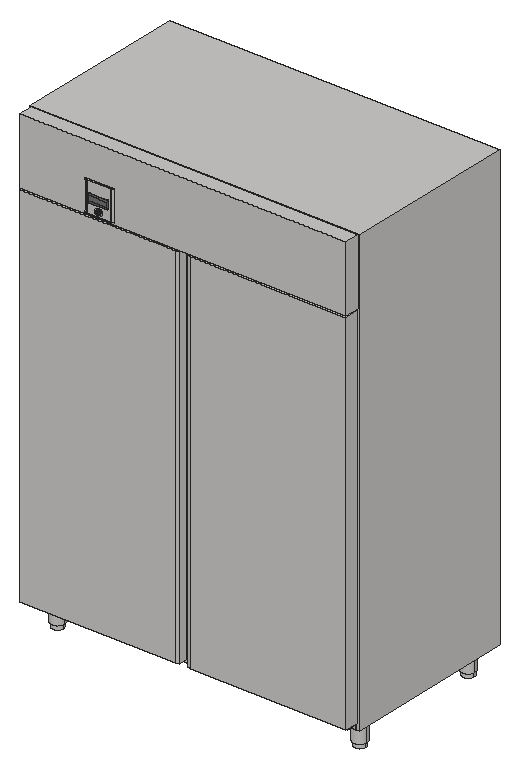
Revit family "QF_ELECTROLUXPROFESSIONAL_725393_REX142FRH", category Specialty Equipment, Revit 2018
Family settings
  Round Connector Dimension = Use Diameter
  Part Type = Normal
  Work Plane-Based = No
  Always vertical = Yes
  Cut with Voids When Loaded = No
  Shared = No
  Room Calculation Point = No
Parameters (values of type "Standard")
  Weight = 210.00 kg
  Watts = 0 W
  Volts = 220 V
  URL Manufacturer = "http://professional.electrolux.com"
  URL = "http://professional.electrolux.com"
  Steam Supply Size = 0 mm
  Steam Supply Minimum Pressure = 0.0 Pa
  Steam Supply Maximum Pressure = 0.0 Pa
  Steam Pounds per Hour = 0
  Refrigeration Suction Line Size = 0 mm
  Refrigeration Liquid Line Size = 0 mm
  Refrigerant Compressor Remote = yes
  Manufacturer = "Electrolux Professional"
  Phase = 1
  Model = "REX142FRH"
  Length Actual = 1441 mm  # constant formula
  Item Number = "725393"
  Hot Water Size = 0 mm
  Height Actual = 2050 mm  # constant formula
  HP = "0.4 HP"
  Gas Size = 0 mm
  Gas KW = 0
  Gas Input Pressure = 0 W
  Direct Waste Size = 0 mm
  Description = "2-DOOR REFRIGERATOR 1430L -2+10°C, DIGITAL WITH LIGHT, A304-R290"
  Depth Actual = 835 mm  # constant formula
  Cycle = 50 Hz
  Condensate Return Size = 0 mm
  Compressed Air Volume = 0.0 L/s
  Compressed Air Size = 0 mm
  Compressed Air Pressure = 0.0 Pa
  Cold Water Size = 0 mm
  Accessory = yes
Reference planes
  plane 1 "Center (Front/Back)": y = 0
  plane 2: z = 0
  plane 3 "Center (Left/Right)": x = 0
  plane 4 "BASE": z = 110
  plane 5 "TOP": z = 2050
  plane 6 "FRONT": y = -417.5
  plane 7 "BACK": y = 417.5
  plane 8 "LEFT": x = -720.5
  plane 9 "RIGHT": x = 720.5
Forms (mm)
  Extrusion 1, solid, material "QF_Finishes_Stainless Steel"
    sketch origin (0, 0, 0) x (1, 0, 0) y (0, 1, 0)
      loop
        circle (-643.5, 344.5) r 25
      loop
        circle (643.5, 344.5) r 25
      loop
        circle (-660.5, -269.5) r 25
      loop
        circle (660.5, -269.5) r 25
      loop
        circle (0, -121) r 25
    from 0 to 20
  Extrusion 2, solid, material "QF_Finishes_Stainless Steel"
    sketch origin (0, 0, 0) x (1, 0, 0) y (0, 1, 0)
      loop
        circle (-643.5, 344.5) r 30
      loop
        circle (643.5, 344.5) r 30
      loop
        circle (660.5, -269.5) r 30
      loop
        circle (-660.5, -269.5) r 30
      loop
        circle (0, -121) r 30
    from 20 to 110
  Extrusion 3, solid, material "QF_Finishes_Stainless Steel"
    sketch origin (0, 0, 110) x (-1, 0, 0) y (0, -1, 0)
      loop
        line (720.5, -417.5) -> (720.5, 345.5) -> (-720.5, 345.5) -> (-720.5, -417.5) -> (720.5, -417.5)
    from 0 to 1940
  Extrusion 4, solid
    sketch origin (0, 417.5, 1685) x (-1, 0, 0) y (0, 0, 1)
      loop
        circle (704.5, 124) r 10
    from 0 to 3.2
  Extrusion 5, solid, material "QF_Door-Drawer Clearances", detail levels coarse
    sketch origin (0, 0, 110) x (-1, 0, 0) y (0, -1, 0)
      loop
        line (-712.5, 409.5) -> (-648.5, 409.5) -> (-648.5, 1006.5) -> (-666.5, 1006.5) -> (-666.5, 1024.5) -> (-688.5, 1024.5) -> (-688.5, 1062.5) -> (-712.5, 1062.5) -> (-712.5, 409.5)
    from 1642.965 to 28
  Extrusion 6, solid, material "QF_Door-Drawer Clearances", detail levels coarse
    sketch origin (0, 0, 110) x (-1, 0, 0) y (0, -1, 0)
      loop
        line (-648.5, 409.5) -> (0, 409.5)
        arc (0, 409.5) -> (-211.9, 875.546) -> (-688.5, 1062.5) r 681.392
        line (-688.5, 1062.5) -> (-688.5, 1024.5) -> (-666.5, 1024.5) -> (-666.5, 1006.5) -> (-648.5, 1006.5) -> (-648.5, 409.5)
    from 1642.965 to 28
  Extrusion 7, solid, material "QF_Clearances", detail levels coarse
    sketch origin (0, 0, 110) x (-1, 0, 0) y (0, -1, 0)
      loop
        line (720.5, 417.5) -> (720.5, -417.5) -> (-720.5, -417.5) -> (-720.5, 417.5) -> (-740.5, 417.5) -> (-740.5, -447.5) -> (740.5, -447.5) -> (740.5, 417.5) -> (720.5, 417.5)
    from -110 to 1940
  Extrusion 8, solid, material "QF_Clearances", detail levels coarse
    sketch origin (0, 0, 2050) x (-1, 0, 0) y (0, -1, 0)
      loop
        line (740.5, -447.5) -> (740.5, 417.5) -> (-740.5, 417.5) -> (-740.5, -447.5) -> (740.5, -447.5)
    from 0 to 500
  Extrusion 9, void
    sketch origin (0, 417.5, 0) x (-1, 0, 0) y (0, 0, 1)
      loop
        line (645.5, 1724) -> (430, 1724) -> (430, 1695) -> (-430, 1695) -> (-430, 1724) -> (-645.5, 1724) -> (-645.5, 180) -> (-322.75, 170.906) -> (0, 180) -> (322.75, 170.906) -> (645.5, 180) -> (645.5, 1724)
    from -56 to -763
  Extrusion 10, solid, material "QF_Door-Drawer Clearances", detail levels coarse
    sketch origin (0, 0, 110) x (1, 0, 0) y (0, 1, 0)
      loop
        line (-712.5, -409.5) -> (-712.5, -1062.5) -> (-688.5, -1062.5) -> (-688.5, -1024.5) -> (-666.5, -1024.5) -> (-666.5, -1006.5) -> (-648.5, -1006.5) -> (-648.5, -409.5) -> (-712.5, -409.5)
    from 1642.965 to 28
  Extrusion 11, solid, material "QF_Door-Drawer Clearances", detail levels coarse
    sketch origin (0, 0, 110) x (1, 0, 0) y (0, 1, 0)
      loop
        line (-648.5, -409.5) -> (-648.5, -1006.5) -> (-666.5, -1006.5) -> (-666.5, -1024.5) -> (-688.5, -1024.5) -> (-688.5, -1062.5)
        arc (-688.5, -1062.5) -> (-211.9, -875.546) -> (0, -409.5) r 681.392
        line (0, -409.5) -> (-648.5, -409.5)
    from 1642.965 to 28
  Extrusion 12, solid, material "QF_Finishes_Stainless Steel"
    sketch origin (0, 417.5, 0) x (-1, 0, 0) y (0, 0, 1)
      loop
        line (40, 170.62) -> (40, 1695) -> (-40, 1695) -> (-40, 170.62) -> (0, 170) -> (40, 170.62)
    from -723 to -763
  Extrusion 13, solid, material "QF_Finishes_Stainless Steel"
    sketch origin (0, 0, 110) x (-1, 0, 0) y (0, -1, 0)
      loop
        circle (322.75, 254.5) r 7.938
      loop
        circle (-322.75, 254.5) r 7.938
    from 0 to -10
Cuts and joins
  joined: Extrusion 7, Extrusion 8
  Extrusion 9 cuts Extrusion 3
Lines and regions (mm)
  symbolic lines, style "SpecialityEquipmentHiddenLines"
    curve 1: line (712.5, -409.5, 110) -> (712.5, -1062.5, 110)
    curve 2: line (712.5, -1062.5, 110) -> (688.5, -1062.5, 110)
    curve 3: line (648.5, -409.5, 110) -> (648.5, -1006.5, 110)
    curve 4: line (688.5, -1062.5, 110) -> (688.5, -1024.5, 110)
    curve 5: line (688.5, -1024.5, 110) -> (666.5, -1024.5, 110)
    curve 6: line (666.5, -1024.5, 110) -> (666.5, -1006.5, 110)
    curve 7: line (666.5, -1006.5, 110) -> (648.5, -1006.5, 110)
    curve 13: arc (0, -409.5, 110) -> (211.9, -875.546, 110) -> (688.5, -1062.5, 110) r 681.392
    curve 14: line (-712.5, -1062.5, 110) -> (-688.5, -1062.5, 110)
    curve 15: line (-648.5, -409.5, 110) -> (-648.5, -1006.5, 110)
    curve 16: line (-688.5, -1062.5, 110) -> (-688.5, -1024.5, 110)
    curve 17: line (-688.5, -1024.5, 110) -> (-666.5, -1024.5, 110)
    curve 18: line (-666.5, -1024.5, 110) -> (-666.5, -1006.5, 110)
    curve 19: line (-666.5, -1006.5, 110) -> (-648.5, -1006.5, 110)
    curve 20: arc (0, -409.5, 110) -> (-211.9, -875.546, 110) -> (-688.5, -1062.5, 110) r 681.392
    curve 21: line (-712.5, -409.5, 110) -> (-712.5, -1062.5, 110)
  symbolic lines, style "QF_Clearances", detail levels coarse
    curve 8: line (-720.5, -417.5, 2050) -> (-740.5, -417.5, 2050)
    curve 9: line (-740.5, -417.5, 2050) -> (-740.5, 447.5, 2050)
    curve 10: line (-740.5, 447.5, 2050) -> (740.5, 447.5, 2050)
    curve 11: line (740.5, 447.5, 2050) -> (740.5, -417.5, 2050)
    curve 12: line (740.5, -417.5, 2050) -> (720.5, -417.5, 2050)
Dimensions and locks
  equal spacing: plane 7 "BACK", plane 1 "Center (Front/Back)", plane 6 "FRONT"
  equal spacing: plane 8 "LEFT", plane 3 "Center (Left/Right)", plane 9 "RIGHT"
  plane 8 "LEFT" to plane 9 "RIGHT" = 1441 mm
  plane 7 "BACK" to plane 6 "FRONT" = 835 mm
  plane 5 "TOP" to plane 2 = 2050 mm
  aligned and locked: level to plane 2
Automatic sketch dimensions
  curve 12 to plane 6 "FRONT" = 0 mm
  curve 12 to plane 9 "RIGHT" = 0 mm
  curve 8 to plane 6 "FRONT" = 0 mm
  curve 8 to plane 8 "LEFT" = 0 mm
  curve 10 to plane 9 "RIGHT" = 20 mm
  curve 8 to curve 9 = 20 mm
  plane 7 "BACK" to curve 10 = 30 mm
  Extrusion 1 sketch curve to plane 3 "Center (Left/Right)" = 0 mm
  plane 8 "LEFT" to Extrusion 1 sketch curve = 77 mm
  plane 8 "LEFT" to Extrusion 1 sketch curve = 60 mm
  plane 9 "RIGHT" to Extrusion 1 sketch curve = 77 mm
  plane 9 "RIGHT" to Extrusion 1 sketch curve = 60 mm
  plane 6 "FRONT" to Extrusion 1 sketch curve = 148 mm  (x2)
  plane 1 "Center (Front/Back)" to Extrusion 1 sketch curve = 121 mm
  Extrusion 1 sketch curve to plane 7 "BACK" = 73 mm  (x2)
  Extrusion 2 sketch curve to plane 3 "Center (Left/Right)" = 0 mm
  plane 8 "LEFT" to Extrusion 2 sketch curve = 77 mm
  plane 8 "LEFT" to Extrusion 2 sketch curve = 60 mm
  plane 9 "RIGHT" to Extrusion 2 sketch curve = 77 mm
  plane 9 "RIGHT" to Extrusion 2 sketch curve = 60 mm
  plane 6 "FRONT" to Extrusion 2 sketch curve = 148 mm  (x2)
  plane 1 "Center (Front/Back)" to Extrusion 2 sketch curve = 121 mm
  Extrusion 2 sketch curve to plane 7 "BACK" = 73 mm  (x2)
  Extrusion 3 sketch curve to plane 7 "BACK" = 0 mm
  Extrusion 3 sketch curve to plane 9 "RIGHT" = 0 mm
  Extrusion 3 sketch curve to plane 8 "LEFT" = 0 mm
  plane 6 "FRONT" to Extrusion 3 sketch curve = 72 mm
  plane 8 "LEFT" to Extrusion 4 sketch curve = 16 mm
  Extrusion 4 sketch curve to plane 5 "TOP" = 241 mm
  plane 9 "RIGHT" to Extrusion 5 sketch curve = 8 mm
  plane 9 "RIGHT" to Extrusion 5 sketch curve = 32 mm
  Extrusion 5 sketch curve to Extrusion 5 sketch curve = 22 mm
  plane 6 "FRONT" to Extrusion 5 sketch curve = 8 mm
  Extrusion 5 sketch curve to Extrusion 5 sketch curve = 64 mm
  Extrusion 5 sketch curve to plane 6 "FRONT" = 589 mm
  Extrusion 5 sketch curve to Extrusion 5 sketch curve = 18 mm
  Extrusion 5 sketch curve to Extrusion 5 sketch curve = 38 mm
  Extrusion 6 sketch curve to plane 3 "Center (Left/Right)" = 0 mm
  plane 9 "RIGHT" to Extrusion 6 sketch curve = 72 mm
  Extrusion 6 sketch curve to Extrusion 6 sketch curve = 18 mm  (x2)
  plane 9 "RIGHT" to Extrusion 6 sketch curve = 39.698 mm
  Extrusion 6 sketch curve to Extrusion 6 sketch curve = 22 mm
  plane 6 "FRONT" to Extrusion 6 sketch curve = 36.349 mm
  plane 6 "FRONT" to Extrusion 6 sketch curve = 8 mm
  Extrusion 6 sketch curve to Extrusion 6 sketch curve = 56 mm
  Extrusion 7 sketch curve to plane 6 "FRONT" = 0 mm  (x2)
  Extrusion 7 sketch curve to plane 7 "BACK" = 0 mm
  Extrusion 7 sketch curve to plane 9 "RIGHT" = 0 mm
  Extrusion 7 sketch curve to plane 8 "LEFT" = 0 mm
  Extrusion 7 sketch curve to plane 9 "RIGHT" = 20 mm
  Extrusion 7 sketch curve to Extrusion 7 sketch curve = 20 mm
  plane 7 "BACK" to Extrusion 7 sketch curve = 30 mm
  Extrusion 8 sketch curve to plane 6 "FRONT" = 0 mm
  Extrusion 8 sketch curve to plane 9 "RIGHT" = 20 mm
  Extrusion 8 sketch curve to plane 8 "LEFT" = 20 mm
  plane 7 "BACK" to Extrusion 8 sketch curve = 30 mm
  Extrusion 10 sketch curve to plane 8 "LEFT" = 8 mm
  Extrusion 10 sketch curve to plane 8 "LEFT" = 32 mm
  Extrusion 10 sketch curve to Extrusion 10 sketch curve = 22 mm
  Extrusion 10 sketch curve to plane 6 "FRONT" = 8 mm
  Extrusion 10 sketch curve to Extrusion 10 sketch curve = 64 mm
  plane 6 "FRONT" to Extrusion 10 sketch curve = 589 mm
  Extrusion 10 sketch curve to Extrusion 10 sketch curve = 18 mm
  Extrusion 10 sketch curve to Extrusion 10 sketch curve = 38 mm
  Extrusion 11 sketch curve to plane 3 "Center (Left/Right)" = 0 mm
  Extrusion 11 sketch curve to plane 8 "LEFT" = 72 mm
  Extrusion 11 sketch curve to Extrusion 11 sketch curve = 18 mm  (x2)
  Extrusion 11 sketch curve to plane 8 "LEFT" = 39.698 mm
  Extrusion 11 sketch curve to Extrusion 11 sketch curve = 22 mm
  Extrusion 11 sketch curve to plane 6 "FRONT" = 36.349 mm
  Extrusion 11 sketch curve to plane 6 "FRONT" = 8 mm
  Extrusion 11 sketch curve to Extrusion 11 sketch curve = 56 mm
  Extrusion 12 sketch curve to plane 3 "Center (Left/Right)" = 0 mm
  plane 3 "Center (Left/Right)" to Extrusion 12 sketch curve = 40 mm
  Extrusion 12 sketch curve to plane 3 "Center (Left/Right)" = 40 mm
  plane 4 "BASE" to Extrusion 12 sketch curve = 60 mm
  Extrusion 12 sketch curve to Extrusion 12 sketch curve = 0.62 mm  (x2)
  Extrusion 12 sketch curve to Extrusion 12 sketch curve = 1524.38 mm
  Extrusion 9 sketch curve to plane 3 "Center (Left/Right)" = 0 mm
  plane 4 "BASE" to Extrusion 9 sketch curve = 60.906 mm  (x2)
  plane 3 "Center (Left/Right)" to Extrusion 9 sketch curve = 322.75 mm
  plane 9 "RIGHT" to Extrusion 9 sketch curve = 290.5 mm
  plane 9 "RIGHT" to Extrusion 9 sketch curve = 75 mm
  Extrusion 9 sketch curve to plane 3 "Center (Left/Right)" = 322.75 mm
  plane 8 "LEFT" to Extrusion 9 sketch curve = 290.5 mm
  plane 8 "LEFT" to Extrusion 9 sketch curve = 75 mm
  plane 4 "BASE" to Extrusion 9 sketch curve = 70 mm  (x3)
  Extrusion 9 sketch curve to plane 5 "TOP" = 355 mm
  Extrusion 9 sketch curve to Extrusion 9 sketch curve = 29 mm  (x2)
  plane 3 "Center (Left/Right)" to Extrusion 13 sketch curve = 322.75 mm
  Extrusion 13 sketch curve to plane 3 "Center (Left/Right)" = 322.75 mm
  plane 6 "FRONT" to Extrusion 13 sketch curve = 163 mm  (x2)
  curve 20 to plane 3 "Center (Left/Right)" = 0 mm
  plane 9 "RIGHT" to curve 3 = 72 mm
  curve 5 to curve 3 = 18 mm
  plane 9 "RIGHT" to curve 13 = 39.698 mm
  curve 4 to curve 5 = 22 mm
  plane 9 "RIGHT" to curve 2 = 8 mm
  plane 8 "LEFT" to curve 19 = 72 mm
  curve 15 to curve 18 = 18 mm
  plane 8 "LEFT" to curve 20 = 39.698 mm
  curve 17 to curve 16 = 22 mm
  plane 8 "LEFT" to curve 14 = 8 mm
  plane 6 "FRONT" to curve 20 = 36.349 mm
  plane 6 "FRONT" to curve 13 = 36.349 mm
  curve 15 to plane 6 "FRONT" = 589 mm
  curve 3 to plane 6 "FRONT" = 589 mm
  curve 6 to curve 5 = 18 mm
  curve 18 to curve 18 = 18 mm
  curve 16 to curve 16 = 38 mm
  plane 6 "FRONT" to curve 15 = 8 mm
  plane 6 "FRONT" to curve 3 = 8 mm
  plane 6 "FRONT" to curve 21 = 8 mm
  plane 6 "FRONT" to curve 1 = 8 mm
  radius of Extrusion 1 sketch curve = 25 mm  (x5)
  radius of Extrusion 2 sketch curve = 30 mm  (x5)
  radius of Extrusion 4 sketch curve = 10 mm
  radius of Extrusion 13 sketch curve = 7.938 mm  (x2)
Nested families
  nested 1: "QF_727994_Door" at (0, -345.5, 968.365) x (1, 0, 0) z (0, -1, 0), type "QF_727994_Door"
    with Show Clearance yes
  nested 2: "Refrigerator" at (720.5, -417.5, 110), type "Refrigerator"
Connectors
  electrical at (-704.5, 420.7, 1809), driven by "Volts"
    settings: on Extrusion 4, index 2, voltage 220 V, apparent load 0 VA, apparent load phase1 0 VA, apparent load phase2 0 VA, apparent load phase3 0 VA, power factor 1, load classification "Other", number of poles 1, system type 30, power factor state 1, is connector primary yes, connector utility no, sub classification motor no, connector description "Electrical Connection"
  piping at (322.75, -254.5, 100), diameter 15.875
    settings: on Extrusion 13, index 3, connector inside diameter 609.6 mm, connector length 0 mm, flow factor 0, pipe flow 0.0 L/s, pressure drop 0.0 Pa, fitting loss kfactor 0, connector angle 0.00°, fixture units 0, engagement length 0 mm, angle of deflection 0.00°, flow configuration 1, flow direction 2, fitting loss method 0, system type 16, joint type 0, gender type 0, connector reference index -1, connector utility 0, adjustable connector no, is connector primary yes, connector description "Drain"
  piping at (-322.75, -254.5, 100), diameter 15.875
    settings: on Extrusion 13, index 4, connector inside diameter 609.6 mm, connector length 0 mm, flow factor 0, pipe flow 0.0 L/s, pressure drop 0.0 Pa, fitting loss kfactor 0, connector angle 0.00°, fixture units 0, engagement length 0 mm, angle of deflection 0.00°, flow configuration 1, flow direction 2, fitting loss method 0, system type 16, joint type 0, gender type 0, connector reference index -1, connector utility 0, adjustable connector no, is connector primary no, connector description "Drain"
Definition of nested family "QF_727994_Door"
  Parameters
    Show Clearance [instance] = yes
    Model = "727994"
    Default Elevation = 0 mm
  Reference planes
    plane 1 "Center (Front/Back)": y = 0
    plane 2: z = 0
    plane 3 "Center (Left/Right)": x = 0
    plane 4 "panel": z = 64
  Forms (mm)
    Extrusion 1, solid
      sketch origin (0, -919.2, 0) x (1, 0, 0) y (0, 1, 0)
        loop
          line (-980.5, 2119.2) -> (-980.5, -162.846) -> (881.94, -162.846) -> (881.94, 2119.2) -> (-980.5, 2119.2)
      from 0 to -59.546
    Extrusion 2, solid
      sketch origin (365.5, 0, 0) x (1, 0, 0) y (0, 0, 1)
        loop
          line (-347, 26) -> (-325, 26) -> (-325, 8) -> (-307, 8) -> (-307, 0) -> (339, 0) -> (339, 8) -> (347, 8) -> (347, 64) -> (-332, 64) -> (-347, 60) -> (-347, 26)
      from -784.6 to 830.4
    Extrusion 3, solid
      sketch origin (484.5, -516.365, 0) x (0, 1, 0) y (0, 0, 1)
        loop
          line (-323.003, 40.312) -> (-316.501, 40.312) -> (-316.501, 42.812) -> (-325.503, 42.812) -> (-325.503, 2.5) -> (-342, 2.5) -> (-342, 0) -> (-323.003, 0) -> (-323.003, 12.259) -> (-323.003, 40.312)
        loop
          line (-314, 38.311) -> (-316.501, 38.311) -> (-316.501, 14.304) -> (-319.752, 14.304) -> (-319.752, 11.804) -> (-314, 11.804) -> (-314, 38.311)
      from 185 to 220
    Extrusion 4, solid
      sketch origin (484.5, 469.597, 0) x (0, 1, 0) y (0, 0, 1)
        loop
          line (315.003, 27.948) -> (315.003, 2.948) -> (315.003, 0) -> (322.003, 0) -> (322.003, 2.5) -> (317.503, 2.5) -> (317.503, 27.948) -> (315.003, 27.948)
      from 185 to 220
    Extrusion 5, solid
      sketch origin (-365.5, 0, 0) x (-1, 0, 0) y (0, 0, -1)
        loop
          line (-1078, -64) -> (347, -64) -> (347, 0) -> (-1078, 0) -> (-1078, -64)
      from -1081.6 to -791.6
    Extrusion 6, solid
      sketch origin (-365.5, 0, 0) x (-1, 0, 0) y (0, 0, -1)
        loop
          line (-347, -26) -> (-347, -60) -> (-332, -64) -> (347, -64) -> (347, -8) -> (339, -8) -> (339, 0) -> (-307, 0) -> (-307, -8) -> (-325, -8) -> (-325, -26) -> (-347, -26)
      from -784.6 to 830.4
    Extrusion 7, solid
      sketch origin (-484.5, -516.365, 0) x (0, 1, 0) y (0, 0, -1)
        loop
          line (-323.003, -40.312) -> (-323.003, -12.259) -> (-323.003, 0) -> (-342, 0) -> (-342, -2.5) -> (-325.503, -2.5) -> (-325.503, -42.812) -> (-316.501, -42.812) -> (-316.501, -40.312) -> (-323.003, -40.312)
        loop
          line (-314, -38.311) -> (-314, -11.804) -> (-319.752, -11.804) -> (-319.752, -14.304) -> (-316.501, -14.304) -> (-316.501, -38.311) -> (-314, -38.311)
      from 185 to 220
    Extrusion 8, solid
      sketch origin (-484.5, 469.597, 0) x (0, 1, 0) y (0, 0, -1)
        loop
          line (315.003, -27.948) -> (317.503, -27.948) -> (317.503, -2.5) -> (322.003, -2.5) -> (322.003, 0) -> (315.003, 0) -> (315.003, -2.948) -> (315.003, -27.948)
      from 185 to 220
  Lines and regions (mm)
    symbolic lines
      curve 1: line (-712.5, 0, 64) -> (712.5, 0, 64)
      curve 2: line (712.5, 0, 0) -> (-712.5, 0, 0)
      curve 3: line (712.5, 0, 64) -> (712.5, 0, 0)
      curve 4: line (704.5, 0, 8) -> (712.5, 0, 8)
      curve 5: line (704.5, 0, 8) -> (704.5, 0, 0)
      curve 6: line (-376.111, 0, 72) -> (-356.111, 0, 72)
      curve 7: line (-376.111, 0, 66) -> (-376.111, 0, 72)
      curve 8: line (-356.111, 0, 72) -> (-356.111, 0, 66)
      curve 9: line (-380.111, 0, 66) -> (-352.111, 0, 66)
      curve 10: line (-380.111, 0, 64) -> (-380.111, 0, 66)
      curve 11: line (-352.111, 0, 66) -> (-352.111, 0, 64)
      curve 12: line (-712.5, 0, 64) -> (-712.5, 0, 0)
      curve 13: line (-704.5, 0, 8) -> (-712.5, 0, 8)
      curve 14: line (-704.5, 0, 8) -> (-704.5, 0, 0)
  Dimensions and locks
    aligned and locked: plane 2 to Extrusion 1
    aligned and locked: level to Extrusion 1
  Nested families
    nested 1: "QF_DisplayStandardCabinets" at (-365.5, 863.6, 64), type "QF_DisplayStandardCabinets"
      with Show Clearance yes, Default Elevation 0 mm
  Definition of nested family "QF_DisplayStandardCabinets"
    Parameters
      Show Clearance [instance] = yes
      Model = "728658"
      Default Elevation = 1219.2 mm
    Reference planes
      plane 1 "Center (Front/Back)": y = 0
      plane 2: z = 0
      plane 3 "Center (Left/Right)": x = 0
    Forms (mm)
      Extrusion 1, solid
        sketch origin (0, -919.2, 0) x (1, 0, 0) y (0, 1, 0)
          loop
            line (-198.75, 1146.2) -> (-198.75, 709.567) -> (165.741, 709.567) -> (165.741, 1146.2) -> (-198.75, 1146.2)
        from 0 to -59.546
      Extrusion 2, solid
        sketch origin (-59, -44.611, 0) x (0, 1, 0) y (-1, 0, 0)
          loop
            circle (0.611, -59) r 14
        from 5 to 7
      Extrusion 3, solid
        sketch origin (744.635, 320.889, 0) x (0, 1, 0) y (-1, 0, 0)
          loop
            circle (-364.889, 744.635) r 10
          loop
            circle (-364.889, 744.635) r 9
        from 5 to 8
      Extrusion 4, solid
        sketch origin (744.635, 320.889, 0) x (0, 1, 0) y (-1, 0, 0)
          loop
            circle (-364.889, 744.635) r 8.7
        from 5 to 8
      Extrusion 5, void
        sketch origin (744.635, 320.889, 0) x (0, 1, 0) y (-1, 0, 0)
          loop
            line (-372.339, 745.885) -> (-372.339, 743.385) -> (-362.339, 743.385) -> (-362.339, 745.885) -> (-372.339, 745.885)
        from 8.592 to 6.269
      Blend 6, solid
        base sketch origin (365.719, -803.635, 0) x (1, 0, 0) y (0, 1, 0)
          loop
            arc (-424.229, 873.635) -> (-428.653, 871.803) -> (-430.485, 867.38) r 6.255
            line (-430.485, 867.38) -> (-430.485, 739.89)
            arc (-430.485, 739.89) -> (-428.653, 735.467) -> (-424.229, 733.635) r 6.255
            line (-424.229, 733.635) -> (-307.728, 733.635)
            arc (-307.728, 733.635) -> (-303.305, 735.467) -> (-301.473, 739.89) r 6.255
            line (-301.473, 739.89) -> (-301.473, 867.38)
            arc (-301.473, 867.38) -> (-303.305, 871.803) -> (-307.728, 873.635) r 6.255
            line (-307.728, 873.635) -> (-424.229, 873.635)
        top sketch origin (365.719, -803.635, 0) x (1, 0, 0) y (0, 1, 0)
          loop
            line (-418.756, 738.326) -> (-313.201, 738.326) -> (-313.201, 868.943) -> (-418.756, 868.943) -> (-418.756, 738.326)
        from 0 to 4
      Extrusion 7, solid
        sketch origin (744.635, 320.889, 0) x (0, 1, 0) y (-1, 0, 0)
          loop
            line (-372.339, 745.885) -> (-372.339, 743.385) -> (-362.339, 743.385) -> (-362.339, 745.885) -> (-372.339, 745.885)
        from 6 to 8
      Extrusion 8, void
        sketch origin (0, 0, 0) x (1, 0, 0) y (0, 1, 0)
          loop
            line (-53.037, 65.309) -> (-53.037, -65.309) -> (52.518, -65.309) -> (52.518, 65.309) -> (-53.037, 65.309)
        from 5 to 2
      Extrusion 9, solid
        sketch origin (0, 0, 0) x (1, 0, 0) y (0, 1, 0)
          loop
            line (-51.473, 63.745) -> (-51.473, -63.745) -> (50.954, -63.745) -> (50.954, 63.745) -> (-51.473, 63.745)
        from 2.2 to 4
      Extrusion 10, solid
        sketch origin (0, -30, 0) x (0, 1, 0) y (0, 0, 1)
          loop
            line (10.404, 4) -> (17.404, 4) -> (17.404, 8)
            arc (17.404, 8) -> (13.868, 7.749) -> (10.404, 7) r 25
            line (10.404, 7) -> (10.404, 4)
          loop
            arc (47.404, 7) -> (43.939, 7.749) -> (40.404, 8) r 25
            line (40.404, 8) -> (40.404, 4) -> (47.404, 4) -> (47.404, 7)
        from 40 to -40
      Extrusion 11, solid
        sketch origin (0, -30, 0) x (1, 0, 0) y (0, 1, 0)
          loop
            line (-40, 40.404) -> (-40, 17.404) -> (40, 17.404) -> (40, 40.404) -> (-40, 40.404)
        from 8 to 4
    Cuts and joins
      Extrusion 5 cuts Extrusion 4
      Extrusion 8 cuts Blend 6
      joined: Extrusion 10, Extrusion 11
    Lines and regions (mm)
      Split face 1
        outline origin (-41, 10.404, 8) x (-1, 0, 0) y (0, -1, 0)
          loop
            line (-72.157, 0.05) -> (-72.157, 10.5) -> (-78.157, 10.5) -> (-78.157, 0.05) -> (-72.157, 0.05)
      Split face 2
        outline origin (-50, 10.404, 8) x (-1, 0, 0) y (0, -1, 0)
          loop
            line (-72.157, 0.05) -> (-72.157, 10.5) -> (-78.157, 10.5) -> (-78.157, 0.05) -> (-72.157, 0.05)
      Split face 3
        outline origin (-50, 10.404, 8) x (-1, 0, 0) y (0, -1, 0)
          loop
            line (-72.157, 12.45) -> (-72.157, 22.9) -> (-78.157, 22.9) -> (-78.157, 12.45) -> (-72.157, 12.45)
      Split face 4
        outline origin (-50, 10.404, 8) x (-1, 0, 0) y (0, -1, 0)
          loop
            line (-81.157, 12.45) -> (-81.157, 22.9) -> (-87.157, 22.9) -> (-87.157, 12.45) -> (-81.157, 12.45)
      Split face 5
        outline origin (-50, 10.404, 8) x (-1, 0, 0) y (0, -1, 0)
          loop
            line (-13, 0.1) -> (-13, 22.9) -> (-69, 22.9) -> (-69, 0.1) -> (-13, 0.1)
      symbolic lines
        curve 1: line (52.518, 0, 4) -> (-53.037, 0, 4)
        curve 2: line (40, 0, 4) -> (40, 0, 8)
        curve 3: line (40, 0, 8) -> (-40, 0, 8)
        curve 4: line (-40, 0, 8) -> (-40, 0, 4)
        curve 5: line (-64.765, 0, 0) -> (-53.037, 0, 4)
        curve 6: line (52.518, 0, 4) -> (64.135, 0, 0)
    Dimensions and locks
      aligned and locked: plane 2 to Extrusion 1
      aligned and locked: level to Extrusion 1
Definition of nested family "Refrigerator"
  Reference planes
    plane 1 "Center (Front/Back)": y = 0
    plane 2: z = 0
    plane 3 "Center (Left/Right)": x = 0
  Lines and regions (mm)
    detail lines, in view "Ref. Level"
      curve 1: spline (-500, 190, 0) -> (-493.185, 166.706, 0) -> (-473.205, 145, 0) -> (-441.421, 126.36, 0) -> (-400, 112.058, 0) -> (-351.764, 103.067, 0) -> (-300, 100, 0) -> (-248.236, 103.067, 0) -> (-200, 112.058, 0) -> (-158.579, 126.36, 0) -> (-126.795, 145, 0) -> (-106.815, 166.706, 0) -> (-100, 190, 0) -> (-106.815, 213.294, 0) -> (-126.795, 235, 0) -> (-158.579, 253.64, 0) -> (-200, 267.942, 0) -> (-248.236, 276.933, 0) -> (-300, 280, 0) -> (-351.764, 276.933, 0) -> (-400, 267.942, 0) -> (-441.421, 253.64, 0) -> (-473.205, 235, 0) -> (-493.185, 213.294, 0) -> (-500, 190, 0)
      curve 2: line (-300, 130, 0) -> (-300, 250, 0)
      curve 3: line (-351.962, 220, 0) -> (-248.038, 160, 0)
      curve 4: line (-351.962, 160, 0) -> (-248.038, 220, 0)
      curve 5: line (-280.884, 246.873, 0) -> (-300, 225, 0)
      curve 6: line (-300, 225, 0) -> (-319.116, 246.873, 0)
      curve 7: line (-330.311, 207.5, 0) -> (-339.696, 234.992, 0)
      curve 8: line (-358.812, 201.882, 0) -> (-330.311, 207.5, 0)
      curve 9: line (-330.311, 172.5, 0) -> (-358.812, 178.118, 0)
      curve 10: line (-339.696, 145.008, 0) -> (-330.311, 172.5, 0)
      curve 11: line (-300, 155, 0) -> (-319.116, 133.127, 0)
      curve 12: line (-280.884, 133.127, 0) -> (-300, 155, 0)
      curve 13: line (-269.689, 172.5, 0) -> (-260.304, 145.008, 0)
      curve 14: line (-241.188, 178.118, 0) -> (-269.689, 172.5, 0)
      curve 15: line (-269.689, 207.5, 0) -> (-241.188, 201.882, 0)
      curve 16: line (-260.304, 234.992, 0) -> (-269.689, 207.5, 0)
